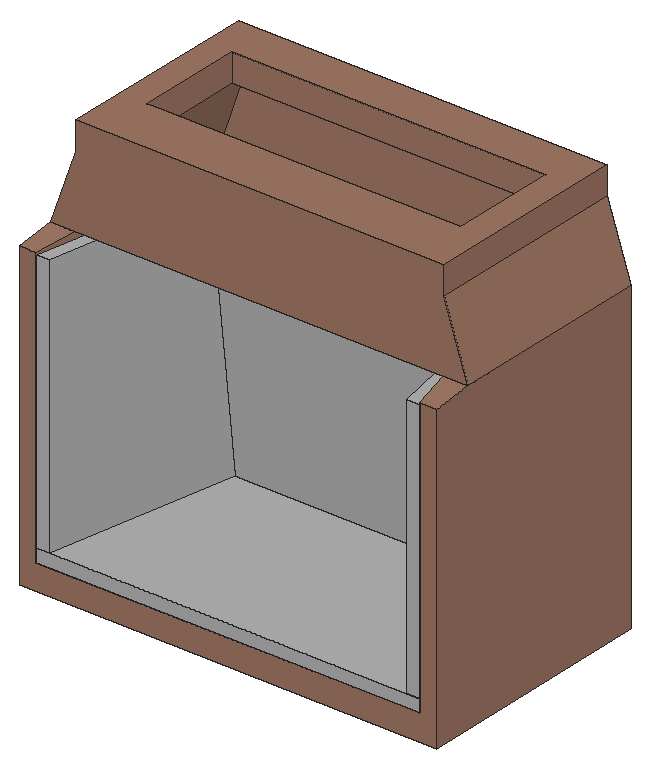
Revit family "Mason_Lite_Fireplace-Vent-Free_System-", category Generic Models, Revit 2026
Family settings
  Can host rebar = No
  Round Connector Dimension = Use Diameter
  Part Type = Normal
  Work Plane-Based = No
  Always vertical = Yes
  Cut with Voids When Loaded = No
  Maintain Annotation Orientation = No
  Shared = No
  Room Calculation Point = No
Parameters
  Manufacturer = "https://www.arcat.com/arcatcos/cos45/arc45666.html"  # constant formula
  Default Elevation = 0"
Reference planes (in)
  plane 1 "Center (Front/Back)": y = 0
  plane 2: z = 0
  plane 3 "Center (Left/Right)": x = 0
  plane 4: y = 28
  plane 5: x = -24
  plane 6: x = 24
  plane 7: z = 27.00085
  plane 8: z = 35.00085
  plane 9: z = 46.75085
  plane 10: z = 43.75085
  plane 11: z = 38.5
  plane 12: x = -21.21591
  plane 13: x = 21.21591
  plane 14: y = 4.5
  plane 15: z = 68.19738
  plane 16: z = 3.00085
Forms (in)
  Extrusion 1, solid, material "Brick, Common, Brown"
    sketch origin (0, 0, 0) x (0, 1, 0) y (0, 0, 1)
      loop
        line (19.76132, 35.00085) -> (23, 27.10198) -> (23, 27.00085) -> (28, 27.00085) -> (28, 35.00085) -> (19.76132, 35.00085)
    from -20.8942 to 21.36473
  Extrusion 2, solid, material "Brick, Common, Brown"
    sketch origin (0, 0, 0) x (1, 0, 0) y (0, 1, 0)
      loop
        line (-24, 28) -> (-24, 0) -> (-22.13193, 0) -> (-17.5989, 23.125) -> (17.5989, 23.125) -> (22.13193, 0) -> (24, 0) -> (24, 28) -> (-24, 28)
      loop
        line (-22.5, 25.95) -> (-22.5, 15.52019) -> (-21, 15.52019) -> (-21, 25.95) -> (-22.5, 25.95)
      loop
        line (-15.00002, 26.34998) -> (-15.00002, 24.78) -> (-4.57021, 24.78) -> (-4.57021, 26.34998) -> (-15.00002, 26.34998)
      loop
        line (4.60521, 26.34998) -> (4.60521, 24.78) -> (15.03502, 24.78) -> (15.03502, 26.34998) -> (4.60521, 26.34998)
      loop
        line (20.93002, 25.95) -> (20.93002, 15.52019) -> (22.5, 15.52019) -> (22.5, 25.95) -> (20.93002, 25.95)
    from 0 to 35.5
  Blend 3, solid, material "Brick, Common, Brown"
    base sketch origin (0, 0, 0) x (1, 0, 0) y (0, 1, 0)
      loop
        line (-21.21591, 28) -> (-21.21591, 4.5) -> (21.21591, 4.5) -> (21.21591, 28) -> (-21.21591, 28)
    top sketch origin (0, 0, 0) x (1, 0, 0) y (0, 1, 0)
      loop
        line (-24, 28) -> (-24, 4.5) -> (24, 4.5) -> (24, 28) -> (-24, 28)
    from 43.75085 to 35.5
  Blend 4, void
    base sketch origin (0, 0, 0) x (1, 0, 0) y (0, 1, 0)
      loop
        line (-18.21591, 25) -> (-18.21591, 7.5) -> (18.21591, 7.5) -> (18.21591, 25) -> (-18.21591, 25)
    top sketch origin (0, 0, 0) x (1, 0, 0) y (0, 1, 0)
      loop
        line (-21, 25) -> (-21, 7.5) -> (21, 7.5) -> (21, 25) -> (-21, 25)
    from 43.75085 to 35.5
  Extrusion 5, solid, material "Brick, Common, Brown"
    sketch origin (0, 0, 0) x (1, 0, 0) y (0, 0, 1)
      loop
        line (-24, 3.00085) -> (-24, 0) -> (24, 0) -> (24, 3.00085) -> (-24, 3.00085)
    from -28 to 0
  Extrusion 6, solid, material "Brick, Common, Brown"
    sketch origin (0, 0, 43.75085) x (1, 0, 0) y (0, 1, 0)
      loop
        line (-21.21591, 28) -> (-21.21591, 4.5) -> (21.21591, 4.5) -> (21.21591, 28) -> (-21.21591, 28)
      loop
        line (-18.05554, 23.125) -> (-18.05554, 10.875) -> (18.08188, 10.875) -> (18.08188, 23.125) -> (-18.05554, 23.125)
    from 0 to 3.25
  Extrusion 7, solid, material "Brick, Common, Grey"
    sketch origin (0, 0, 0) x (0, 1, 0) y (0, 0, 1)
      loop
        line (18.5158, 34.45024) -> (21.49908, 4.50042) -> (22.99169, 4.6491) -> (20.00841, 34.59892) -> (18.5158, 34.45024)
    from -19.20935 to 19.17084
  Extrusion 8, solid, material "Brick, Common, Grey"
    sketch origin (0, 0, 0) x (1, 0, 0) y (0, 1, 0)
      loop
        line (-20.60338, 0) -> (-16.08897, 23.03) -> (-17.61752, 23.03) -> (-22.13193, 0) -> (-20.60338, 0)
      loop
        line (20.60338, 0) -> (22.13193, 0) -> (17.61752, 23.03) -> (16.08897, 23.03) -> (20.60338, 0)
    from 4.50042 to 34.78064
  Extrusion 9, solid, material "Brick, Common, Grey"
    sketch origin (-33.49838, 0, 3.00085) x (1, 0, 0) y (0, 1, 0)
      loop
        line (15.87498, 23) -> (11.36646, 0) -> (55.63031, 0) -> (51.12178, 23) -> (15.87498, 23)
    from 0 to 1.49958
  Extrusion 10, void
    sketch origin (-24, 26.39307, 0) x (0, 1, 0) y (0, 0, 1)
      loop
        line (-21.89307, 35.5) -> (-26.90113, 35.5) -> (-26.90113, 34.94547) -> (-21.89307, 35.5)
    from 0 to 48
Cuts and joins
  Extrusion 10 cuts Extrusion 1
  Blend 4, Extrusion 10 cuts Extrusion 2
  Extrusion 10 cuts Extrusion 5
  joined: Extrusion 1, Extrusion 2, Extrusion 5
  Blend 4 cuts Blend 3
  joined: Blend 3, Extrusion 6
  joined: Extrusion 7, Extrusion 8
Dimensions and locks (in)
  plane 1 "Center (Front/Back)" to plane 14 = 4 1/2"
  plane 14 to Extrusion 6 = 23 1/2"
  Blend 4 sketch curve to plane 13 = 3"
  plane 12 to Blend 4 sketch curve = 3"
  cut or joined group of Blend 3, Blend 4, Extrusion 6 to plane 6 = 2.78409"
  cut or joined group of Extrusion 1, Extrusion 2, Blend 4, Extrusion 5, Extrusion 10 to cut or joined group of Blend 3, Blend 4, Extrusion 6 = 2.78409"
  cut or joined group of Blend 3, Blend 4, Extrusion 6 to cut or joined group of Extrusion 1, Extrusion 2, Blend 4, Extrusion 5, Extrusion 10 = 5.91812"
  aligned and locked: level to plane 2
